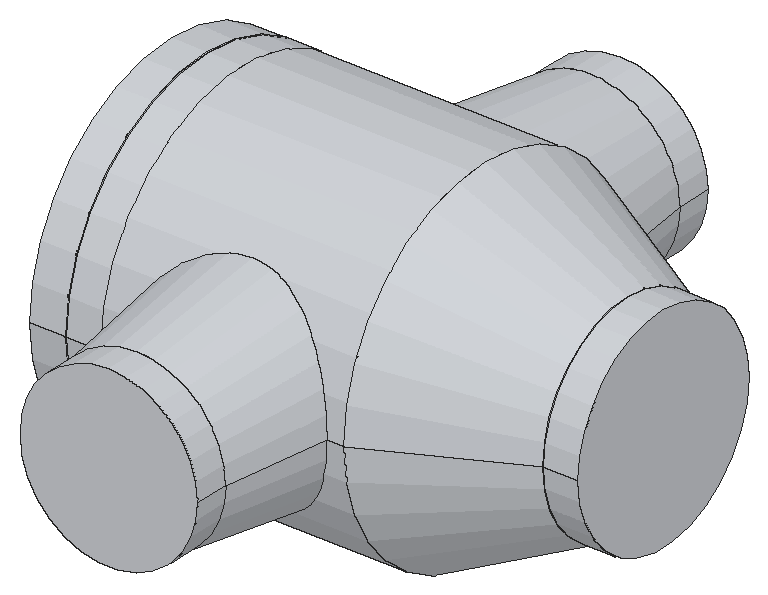
Revit family "cb385fa319c94fa6a073b2e9e8d9f498", category Duct Fittings, Revit 2021
Family settings
  Round Connector Dimension = Use Radius
  Part Type = Cross
  OmniClass Number = 23.75.70.14
  OmniClass Title = Air Ductwork
  Seek Item ID = Round Transition Conical Cross - 180 Degree - DTL-0000-USA-ENU
  Work Plane-Based = No
  Always vertical = Yes
  Cut with Voids When Loaded = No
  Shared = No
Parameters (values of type "Standard")
  Tap 2 Length [instance] = 6"
  Tap 2 Inset Label [instance] = 10' 0" + if(Tap 2 Angle 1 < 90.00°, Tap 2 Inset 1, if(Tap 2 Angle 1 = 90.00°, Tap 2 Inset 2, Tap 2 Inset 3))  # 125 7/8"
  Tap 1 Inset Label [instance] = 10' 0" + if(Tap 1 Angle 1 < 90.00°, Tap 1 Inset 1, if(Tap 1 Angle 1 = 90.00°, Tap 1 Inset 2, Tap 1 Inset 3))  # 125 7/8"
  Tap 2 Inset 3 [instance] = if(Tap 2 Angle 1 > 90.00°, Tap 2 Base Diameter 1 / 2 / sin(180.00° - Tap 2 Angle 1) + Body Radius 1 / tan(180.00° - Tap 2 Angle 1), 0' 0")  # 0"
  Tap 2 Inset 2 [instance] = if(Tap 2 Angle 1 = 90.00°, Tap 2 Base Radius 1, 0' 0")  # 5 7/8"
  Tap 2 Inset 1 [instance] = if(Tap 2 Angle 1 < 90.00°, (Length 2 - (Body Radius 1 / sin(Tap 2 Angle 1) - Length 2 / tan(Tap 2 Angle 1)) / tan(Tap 2 Angle 1)) * sin(Tap 2 Angle 1), 0' 0")  # 0"
  Tap 1 Inset 3 [instance] = if(Tap 1 Angle 1 > 90.00°, Tap 1 Base Diameter 1 / 2 / sin(180.00° - Tap 1 Angle 1) + Body Radius 1 / tan(180.00° - Tap 1 Angle 1), 0' 0")  # 0"
  Tap 1 Inset 2 [instance] = if(Tap 1 Angle 1 = 90.00°, Tap 1 Base Radius 1, 0' 0")  # 5 7/8"
  Tap 2 Inset [instance] = 1"
  Tap 2 Collar Length [instance] = 2"
  Length 2 [instance] = if(not(Tap 2 Angle 1 = 90.00°), (tan(Tap 2 Angle 1) * Tap 2 Base Radius 1 + tan(Angle 2) * tan(Tap 2 Angle 1) * Tap 2 Base Radius 1 / tan(Tap 2 Angle 1)) / (tan(Tap 2 Angle 1) - tan(Angle 2)), 0' 0")  # 0"
  Length 1 [instance] = if(not(Tap 1 Angle 1 = 90.00°), (tan(Tap 1 Angle 1) * Tap 1 Base Radius 1 + tan(Angle 1) * tan(Tap 1 Angle 1) * Tap 1 Base Radius 1 / tan(Tap 1 Angle 1)) / (tan(Tap 1 Angle 1) - tan(Angle 1)), 0' 0")  # 0"
  Default Elevation = 0' - 0"
  Angle 2 [instance] = if(not(Tap 2 Angle 1 = 90.00°), atan((Tap 2 Base Center Radius - Tap 2 Base Radius 1) / (Body Radius 1 / sin(Tap 2 Angle 1) + Tap 2 Base Radius 1 / tan(Tap 2 Angle 1))), 1.00°)  # 1.00°
  Angle 1 [instance] = if(not(Tap 1 Angle 1 = 90.00°), atan((Tap 1 Base Center Radius - Tap 1 Base Radius 1) / (Body Radius 1 / sin(Tap 1 Angle 1) + Tap 1 Base Radius 1 / tan(Tap 1 Angle 1))), 1.00°)  # 1.00°
  Tap 1 Inset 1 [instance] = if(Tap 1 Angle 1 < 90.00°, (Length 1 - (Body Radius 1 / sin(Tap 1 Angle 1) - Length 1 / tan(Tap 1 Angle 1)) / tan(Tap 1 Angle 1)) * sin(Tap 1 Angle 1), 0' 0")  # 0"
  Tap Insertion Length [instance] = if(Tap 1 Insertion Length > Tap 2 Insertion Length, (Tap 1 Insertion Length - Tap 2 Insertion Length) / 2 + Tap 2 Insertion Length, (Tap 2 Insertion Length - Tap 1 Insertion Length) / 2 + Tap 1 Insertion Length)  # 130 7/8"
  Tap 2 Insertion Length [instance] = Tap 2 Inset Label + Tap 2 Length 3  # 130 7/8"
  Tap 1 Insertion Length [instance] = Tap 1 Inset Label + Tap 1 Length 3  # 130 7/8"
  Tap 2 Radius [instance] = 5"
  Tap 2 Offset From Center 1 [instance] = 10' 0" - Tap 2 Offset From Center  # 120"
  Tap 2 Offset From Center [instance] = 0"
  Tap 2 Length 3 [instance] = Body Length 1 + Tap 2 Inset  # 5"
  Tap 2 Length 2 [instance] = Tap 2 Length 1 + Tap 2 Collar Length  # 18"
  Tap 2 Length 1 [instance] = Body Radius 1 / sin(Tap 2 Angle 1) + if(Tap 2 Angle 1 < 90.00°, Tap 2 Base Radius 1 / tan(Tap 2 Angle 1), if(Tap 2 Angle 1 = 90.00°, 0' 0", Tap 2 Base Radius 1 / tan(180.00° - Tap 2 Angle 1))) + Tap 2 Length  # 16"
  Tap 1 Length 3 [instance] = Body Length 1 + Tap 1 Inset  # 5"
  Tap 1 Inset [instance] = 1"
  Tap 1 Length 2 [instance] = Tap 1 Length 1 + Tap 1 Collar Length  # 18"
  Tap 2 Diameter 2 [instance] = if(Tap 2 Angle 1 < 90.00°, 2 * (((Body Radius 1 * (Tap 2 Base Diameter 1 - Tap 2 Diameter) / sin(Tap 2 Angle 1) + (Tap 2 Length + Tap 2 Base Radius 1 / tan(Tap 2 Angle 1)) * (Tap 2 Base Diameter 1 - Tap 2 Diameter)) / (2 * (Tap 2 Length + Tap 2 Base Radius 1 / tan(Tap 2 Angle 1)) - Tap 2 Base Diameter 1 / tan(Tap 2 Angle 1)) + Tap 2 Diameter / 2)), 0' 0")  # 0"
  Tap 2 Diameter 1 [instance] = if(Tap 2 Angle 1 = 90.00°, 2 * ((Tap 2 Base Diameter 1 - Tap 2 Diameter) / (2 * Tap 2 Length) * (Body Radius 1 + Tap 2 Length) + Tap 2 Diameter / 2), 0' 0")  # 14.66667"
  Tap 1 Diameter 3 [instance] = if(Tap 1 Angle 1 > 90.00°, 2 * (((Body Radius 1 * (Tap 1 Base Diameter 1 - Tap 1 Diameter) / sin(180.00° - Tap 1 Angle 1) + (Tap 1 Length + Tap 1 Base Radius 1 / tan(180.00° - Tap 1 Angle 1)) * (Tap 1 Base Diameter 1 - Tap 1 Diameter)) / (2 * (Tap 1 Length + Tap 1 Base Radius 1 / tan(180.00° - Tap 1 Angle 1)) - Tap 1 Base Diameter 1 / tan(180.00° - Tap 1 Angle 1)) + Tap 1 Diameter / 2)), 0' 0")  # 0"
  Tap 1 Diameter 2 [instance] = if(Tap 1 Angle 1 < 90.00°, 2 * (((Body Radius 1 * (Tap 1 Base Diameter 1 - Tap 1 Diameter) / sin(Tap 1 Angle 1) + (Tap 1 Length + Tap 1 Base Radius 1 / tan(Tap 1 Angle 1)) * (Tap 1 Base Diameter 1 - Tap 1 Diameter)) / (2 * (Tap 1 Length + Tap 1 Base Radius 1 / tan(Tap 1 Angle 1)) - Tap 1 Base Diameter 1 / tan(Tap 1 Angle 1)) + Tap 1 Diameter / 2)), 0' 0")  # 0"
  Tap 1 Diameter 1 [instance] = if(Tap 1 Angle 1 = 90.00°, 2 * ((Tap 1 Base Diameter 1 - Tap 1 Diameter) / (2 * Tap 1 Length) * (Body Radius 1 + Tap 1 Length) + Tap 1 Diameter / 2), 0' 0")  # 14.66667"
  Tap 2 Diameter [instance] = Tap 2 Radius * 2  # 10"
  Tap 2 Diameter 3 [instance] = if(Tap 2 Angle 1 > 90.00°, 2 * (((Body Radius 1 * (Tap 2 Base Diameter 1 - Tap 2 Diameter) / sin(180.00° - Tap 2 Angle 1) + (Tap 2 Length + Tap 2 Base Radius 1 / tan(180.00° - Tap 2 Angle 1)) * (Tap 2 Base Diameter 1 - Tap 2 Diameter)) / (2 * (Tap 2 Length + Tap 2 Base Radius 1 / tan(180.00° - Tap 2 Angle 1)) - Tap 2 Base Diameter 1 / tan(180.00° - Tap 2 Angle 1)) + Tap 2 Diameter / 2)), 0' 0")  # 0"
  Body Radius 1 [instance] = if(Radius In > Radius Out, if(not(Body Radius < Radius In), Body Radius, Radius In), if(not(Body Radius < Radius Out), Body Radius, Radius Out))  # 10"
  Tap 1 Radius [instance] = 5"
  Radius Out [instance] = 6"
  Radius In [instance] = 10"
  Tap 1 Offset From Center 2 [instance] = if(Tap 1 Offset From Length = 0' 0", 0' 0 13/256", 0' 0 13/256")  # 13/256"
  Tap 1 Offset From Center 1 [instance] = 10' 0" - Tap 1 Offset From Length  # 120"
  Tap 1 Offset From Length [instance] = 0"
  Body Length 2 [instance] = Collar Out + Length Out 1  # 10"
  Length Out 1 [instance] = if(Length Out = 0' 0", 0' 0 1/16", Length Out)  # 8"
  Body Length 1 [instance] = Collar In + Length In 1  # 4"
  Length In 1 [instance] = if(Length In = 0' 0", 0' 0 1/16", Length In)  # 2"
  Collar Out [instance] = 2"
  Length Out [instance] = 8"
  Collar In [instance] = 2"
  Length In [instance] = 2"
  Tap 1 Length 1 [instance] = Body Radius 1 / sin(Tap 1 Angle 1) + if(Tap 1 Angle 1 < 90.00°, Tap 1 Base Radius 1 / tan(Tap 1 Angle 1), if(Tap 1 Angle 1 = 90.00°, 0' 0", Tap 1 Base Radius 1 / tan(180.00° - Tap 1 Angle 1))) + Tap 1 Length  # 16"
  Tap 1 Length [instance] = 6"
  Body Length [instance] = 13 3/4"
  Tap 1 Diameter [instance] = Tap 1 Radius * 2  # 10"
  Diameter Out [instance] = Radius Out * 2  # 12"
  Diameter In [instance] = Radius In * 2  # 20"
  Tap 1 Collar Length [instance] = 2"
  Tap 2 Base Radius 1 [instance] = if(Tap 2 Base Radius > Tap 2 Radius, Tap 2 Base Radius, Tap 2 Radius + 0' 1")  # 5 7/8"
  Tap 1 Base Radius 1 [instance] = if(Tap 1 Base Radius > Tap 1 Radius, Tap 1 Base Radius, Tap 1 Radius + 0' 1")  # 5 7/8"
  Body Radius [instance] = 10"
  Body Diameter [instance] = Body Radius * 2  # 20"
  Tap 2 Base Radius [instance] = 5 7/8"
  Tap 1 Base Radius [instance] = 5 7/8"
  Tap 2 Base Diameter 1 [instance] = Tap 2 Base Radius 1 * 2  # 11 3/4"
  Tap 1 Base Diameter 1 [instance] = Tap 1 Base Radius 1 * 2  # 11 3/4"
  Tap 2 Base Diameter [instance] = Tap 2 Base Radius * 2  # 11 3/4"
  Tap 1 Base Diameter [instance] = Tap 1 Base Radius * 2  # 11 3/4"
  Tap 2 Base Center Radius [instance] = Tap 2 Base Center Diameter / 2  # 7.33333"
  Tap 1 Base Center Radius [instance] = Tap 1 Base Center Diameter / 2  # 7.33333"
  Tap 2 Base Center Diameter [instance] = if(Tap 2 Angle 1 < 90.00°, abs(Tap 2 Diameter 2), if(Tap 2 Angle 1 = 90.00°, abs(Tap 2 Diameter 1), abs(Tap 2 Diameter 3)))  # 14.66667"
  Tap 1 Base Center Diameter [instance] = if(Tap 1 Angle 1 < 90.00°, abs(Tap 1 Diameter 2), if(Tap 1 Angle 1 = 90.00°, abs(Tap 1 Diameter 1), abs(Tap 1 Diameter 3)))  # 14.66667"
  Tap 2 Angle 1 [instance] = 90.00°
  Tap 1 Angle 1 [instance] = 90.00°
Reference planes (in)
  plane 1 "Center (Front/Back)": y = 0
  plane 2: z = 0
  plane 3 "Center (Left/Right)": x = 0
  plane 4: x = -6.875
  plane 5: x = 6.875
  plane 6: x = -8.875
  plane 7: x = -10.875
  plane 8: x = 14.875
  plane 9: x = 16.875
  plane 10: z = -120
  plane 11: z = 0
  plane 12: z = -0.05078
  plane 13: x = 0
  plane 14: x = -5.875
  plane 15: x = -125.875
  plane 16: x = -8.83594
  plane 17: x = 14.83594
  plane 18: z = 0.05078
  plane 19: z = 0
  plane 20: x = 0
  plane 21: x = -5.875
  plane 22: x = -125.875
  plane 23: x = -130.875
Forms (in)
  Sweep 1, solid, detail levels medium+fine
    path in 3D
      loop
        line (-10.875, 0, 0) -> (-8.83594, 0, 0)
    profile origin (-9.85547, 0, 0) x (0, 1, 0) y (0, 0, 1)
      loop
        circle (0, 0) r 10
  Sweep 2, solid, detail levels medium+fine
    path in 3D
      loop
        line (-6.875, 0, 0) -> (6.875, 0, 0)
    profile origin (0, 0, 0) x (0, 1, 0) y (0, 0, 1)
      loop
        circle (0, 0) r 10
  Sweep 3, solid, detail levels medium+fine
    path in 3D
      loop
        line (14.83594, 0, 0) -> (16.875, 0, 0)
    profile origin (15.85547, 0, 0) x (0, 1, 0) y (0, 0, 1)
      loop
        circle (0, 0) r 6
  SweptBlend 4, solid, detail levels medium+fine
    path in 3D
      loop
        line (0, 0, 0) -> (0, -16, 0)
    profile origin (0, 0, 0) x (1, 0, 0) y (0, 0, 1)
      loop
        circle (0, 0) r 7.33333
    end profile origin (0, -16, 0) x (1, 0, 0) y (0, 0, 1)
      loop
        circle (0, 0) r 5
  Sweep 5, solid, detail levels medium+fine
    path in 3D
      loop
        line (0, 0, 0) -> (0, -18, 0)
    profile origin (0, -9, 0) x (1, 0, 0) y (0, 0, 1)
      loop
        circle (0, 0) r 5
  SweptBlend 6, solid, detail levels medium+fine
    path in 3D
      loop
        line (0, 0, 0) -> (0, 16, 0)
    profile origin (0, 0, 0) x (-1, 0, 0) y (0, 0, 1)
      loop
        circle (0, 0) r 7.33333
    end profile origin (0, 16, 0) x (-1, 0, 0) y (0, 0, 1)
      loop
        circle (0, 0) r 5
  Sweep 7, solid, detail levels medium+fine
    path in 3D
      loop
        line (0, 0, 0) -> (0, 18, 0)
    profile origin (0, 9, 0) x (-1, 0, 0) y (0, 0, 1)
      loop
        circle (0, 0) r 5
  Blend 8, solid, detail levels medium+fine
    base sketch origin (0, 0, 0) x (0, 1, 0) y (0, 0, 1)
      loop
        circle (0, 0) r 10
    top sketch origin (0, 0, 0) x (0, 1, 0) y (0, 0, 1)
      loop
        circle (0, 0) r 10
    from -8.875 to -6.875
  Blend 9, solid, detail levels medium+fine
    base sketch origin (0, 0, 0) x (0, 1, 0) y (0, 0, 1)
      loop
        circle (0, 0) r 6
    top sketch origin (0, 0, 0) x (0, 1, 0) y (0, 0, 1)
      loop
        circle (0, 0) r 10
    from 14.875 to 6.875
Cuts and joins
  joined: Sweep 2, SweptBlend 4, Sweep 5, SweptBlend 6, Sweep 7, Blend 8, Blend 9
Lines and regions (in)
  reference lines
    curve 1: line (-10.875, 0, 0) -> (-8.83594, 0, 0)
    curve 2: line (14.83594, 0, 0) -> (16.875, 0, 0)
    curve 3: line (-6.875, 0, 0) -> (6.875, 0, 0)
    curve 7: line (0, 0, 0) -> (0, -16, 0)
    curve 9: line (0, 0, 0) -> (0, -18, 0)
    curve 15: line (0, 0, 0) -> (0, 16, 0)
    curve 17: line (0, 0, 0) -> (0, 18, 0)
  sketch lines
    curve 4: line (-10.875, 0, 0) -> (-8.83594, 0, 0)
    curve 5: line (-6.875, 0, 0) -> (6.875, 0, 0)
    curve 6: line (14.83594, 0, 0) -> (16.875, 0, 0)
    curve 8: line (0, 0, 0) -> (0, -16, 0)
    curve 10: line (0, 0, 0) -> (0, -18, 0)
    curve 16: line (0, 0, 0) -> (0, 16, 0)
    curve 18: line (0, 0, 0) -> (0, 18, 0)
  model lines, detail levels coarse
    curve 11: line (-10.875, 0, 0) -> (16.875, 0, 0)
    curve 12: line (0, 0, 0) -> (0, -18, 0)
    curve 13: line (0, 0, 0) -> (0, 0, -0.05078)
    curve 14: line (0, 0, 0.05078) -> (0, 0, 0)
    curve 19: line (0, 0, 0) -> (0, 18, 0)
Dimensions and locks (in)
  "Body Length": plane 4 to plane 5
  "Length In 1": plane 6 to plane 4
  "Body Length 1": plane 7 to plane 4
  "Length Out 1": plane 5 to plane 8
  "Body Length 2": plane 5 to plane 9
  locked: plane 2 to plane 10 at 120
  "Tap 1 Offset From Center 1": plane 11 to plane 10
  "Tap 1 Offset From Center 2": plane 11 to plane 12
  "Tap 1 Length 1": curve 7 to curve 7
  "Tap 1 Length 3": plane 7 to plane 14
  locked: plane 15 to plane 14 at 120
  "Tap 1 Inset Label": plane 15 to plane 13
  "Tap 1 Length 2": curve 9 to curve 9
  locked: plane 6 to plane 16 at 0.03906
  locked: plane 17 to plane 8 at 0.03906
  "Tap 1 Length 2": curve 12 to curve 12
  "Tap 1 Offset From Center 2": plane 18 to plane 19
  "Tap 2 Offset From Center 1": plane 19 to plane 10
  "Tap 2 Length 3": plane 7 to plane 21
  locked: plane 22 to plane 21 at 120
  "Tap 2 Inset Label": plane 22 to plane 20
  "Tap 2 Length 1": curve 15 to curve 15
  "Tap 2 Length 2": curve 17 to curve 17
  "Tap 2 Length 2": curve 19 to curve 19
  locked: plane 23 to plane 7 at 120
  "Tap Insertion Length": plane 23 to plane 3 "Center (Left/Right)"
  "Radius In": radius of Sweep 1 sketch curve
  "Body Radius 1": radius of Sweep 2 sketch curve
  "Radius Out": radius of Sweep 3 sketch curve
  "Tap 1 Base Center Radius": radius of SweptBlend 4 sketch curve
  "Tap 1 Radius": radius of SweptBlend 4 sketch curve
  "Tap 1 Radius": radius of Sweep 5 sketch curve
  "Tap 2 Base Center Radius": radius of SweptBlend 6 sketch curve
  "Tap 2 Radius": radius of SweptBlend 6 sketch curve
  "Tap 2 Radius": radius of Sweep 7 sketch curve
  "Radius In": radius of Blend 8 sketch curve
  "Body Radius 1": radius of Blend 8 sketch curve
  "Radius Out": radius of Blend 9 sketch curve
  "Body Radius 1": radius of Blend 9 sketch curve
  "Tap 1 Angle 1": angle curve 7 to plane 1 "Center (Front/Back)"
  "Tap 1 Angle 1": angle curve 9 to plane 1 "Center (Front/Back)"
  "Tap 1 Angle 1": angle curve 12 to plane 1 "Center (Front/Back)"
  "Tap 2 Angle 1": angle plane 1 "Center (Front/Back)" to curve 15
  "Tap 2 Angle 1": angle plane 1 "Center (Front/Back)" to curve 17
  "Tap 2 Angle 1": angle plane 1 "Center (Front/Back)" to curve 19
  aligned and locked: plane 7 to curve 1
  aligned and locked: plane 1 "Center (Front/Back)" to curve 1
  aligned and locked: plane 9 to curve 2
  aligned and locked: plane 1 "Center (Front/Back)" to curve 2
  aligned and locked: plane 5 to curve 3
  aligned and locked: plane 1 "Center (Front/Back)" to curve 3
  aligned and locked: plane 1 "Center (Front/Back)" to curve 7
  aligned and locked: plane 13 to curve 9
  aligned and locked: plane 9 to curve 11
  aligned and locked: plane 7 to curve 11
  aligned and locked: plane 1 "Center (Front/Back)" to curve 11
  aligned and locked: plane 1 "Center (Front/Back)" to curve 12
  aligned and locked: plane 13 to curve 12
  aligned and locked: curve 13 to plane 1 "Center (Front/Back)"
  aligned and locked: plane 12 to curve 13
  aligned and locked: plane 2 to curve 13
  aligned and locked: plane 2 to curve 14
  aligned and locked: plane 18 to curve 14
  aligned and locked: curve 14 to plane 1 "Center (Front/Back)"
  aligned and locked: plane 1 "Center (Front/Back)" to curve 17
  aligned and locked: plane 20 to curve 17
  aligned and locked: plane 1 "Center (Front/Back)" to curve 19
  aligned and locked: plane 20 to curve 19
  aligned and locked: Blend 8 to plane 6
  aligned and locked: plane 4 to Blend 8
  aligned and locked: plane 5 to Blend 9
  aligned and locked: plane 8 to Blend 9
  aligned and locked: plane 16 to curve 1
  aligned and locked: plane 17 to curve 2
Automatic sketch dimensions
  Sweep 1 sketch curve to profile plane = 0' - 0"  (x2)
  Sweep 2 sketch curve to profile plane = 0' - 0"  (x2)
  Sweep 3 sketch curve to profile plane = 0' - 0"  (x2)
  SweptBlend 4 sketch curve to profile plane = 0' - 0"  (x4)
  Sweep 5 sketch curve to profile plane = 0' - 0"  (x2)
  SweptBlend 6 sketch curve to profile plane = 0' - 0"  (x4)
  Sweep 7 sketch curve to profile plane = 0' - 0"  (x2)
  Blend 8 sketch curve to level = 0' - 0"  (x2)
  Blend 8 sketch curve to plane 1 "Center (Front/Back)" = 0' - 0"  (x2)
  Blend 9 sketch curve to level = 0' - 0"  (x2)
  Blend 9 sketch curve to plane 1 "Center (Front/Back)" = 0' - 0"  (x2)
  curve 3 to plane 4 = 0' - 0"
Connectors (in)
  hvac at (-10.875, 0, 0), driven by "Radius In"
    settings: on Sweep 1, index 1, duct flow 0 CFM, flow factor 0, pres drop 0.00 in-wg, loss coef 0, conn angle 0.00°, conn width 12", conn height 12", conn diameter 20", duct sys type 28, conn prof type 0, flow config 0, flow direction 0, loss method 0, conn ref index 2, conn util no, is conn primary yes, conn desc ""
  hvac at (16.875, 0, 0), driven by "Radius Out"
    settings: on Sweep 3, index 2, duct flow 0 CFM, flow factor 0, pres drop 0.00 in-wg, loss coef 0, conn angle 0.00°, conn width 12", conn height 12", conn diameter 12", duct sys type 28, conn prof type 0, flow config 0, flow direction 0, loss method 0, conn ref index 1, conn util no, is conn primary no, conn desc ""
  hvac at (0, -18, 0), driven by "Tap 1 Radius", driven by "Tap 1 Angle 1"
    settings: on cut or joined group of Sweep 2, SweptBlend 4, Sweep 5, SweptBlend 6, Sweep 7, Blend 8, Blend 9, index 3, duct flow 0 CFM, flow factor 0, pres drop 0.00 in-wg, loss coef 0, conn angle 90.00°, conn width 12", conn height 12", conn diameter 10", duct sys type 28, conn prof type 0, flow config 0, flow direction 0, loss method 0, conn ref index -1, conn util no, is conn primary no, conn desc ""
  hvac at (0, 18, 0), driven by "Tap 2 Angle 1", driven by "Tap 2 Radius"
    settings: on cut or joined group of Sweep 2, SweptBlend 4, Sweep 5, SweptBlend 6, Sweep 7, Blend 8, Blend 9, index 4, duct flow 0 CFM, flow factor 0, pres drop 0.00 in-wg, loss coef 0, conn angle 90.00°, conn width 12", conn height 12", conn diameter 10", duct sys type 28, conn prof type 0, flow config 0, flow direction 0, loss method 0, conn ref index -1, conn util no, is conn primary no, conn desc ""
